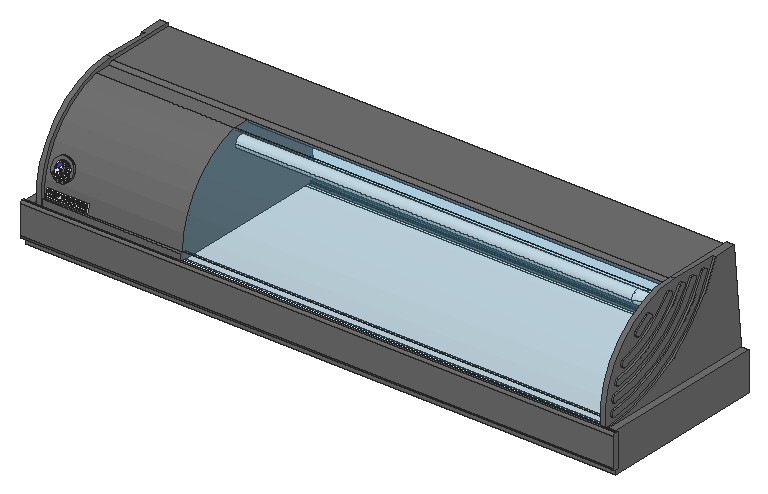
Revit family "QF_HOSHIZAKI_HNC-120BE-L-BLH", category Specialty Equipment, Revit 2016
Family settings
  Part Type = Normal
  Round Connector Dimension = Use Diameter
  OmniClass Number = 23.40.40.14
  OmniClass Title = Food Service Equipment
  Work Plane-Based = No
  Always vertical = Yes
  Cut with Voids When Loaded = No
  Shared = No
  Room Calculation Point = No
Parameters (values of type "HNC-120BE-L-BLH_230V/1Ph/50Hz")
  Weight = 32.00 kg
  Waste Remarks [instance] = ""
  Volts = 230 V
  URL Cutsheet = ""
  URL = "www.hoshizaki-europe.com"
  Status [instance] = ""
  Specification by User [instance] = ""
  Specification by Manufacturer [instance] = ""
  Serial Number = ""
  Seismic Rating = ""
  SMACNA No = ""
  Revision Code [instance] = ""
  Phase = 1
  Number of Poles = 2
  NAFEM Spec ID Number = ""
  Model = "HNC-120BE-L-BLH"
  Min Ckt Ampacity = 0 A
  Max Overcurrent Protection = 0 A
  Masterspec = ""
  Manufacturer = "HOSHIZAKI"
  Length Actual = 1200 mm
  Item Number [instance] = ""
  Installed By [instance] = ""
  Indirect Waste Size = 50.8 mm
  Indirect Waste Connection Type [instance] = ""
  Indirect Waste Connection Height [instance] = 23 mm
  Identify Quantity as Lot [instance] = no
  Height Actual = 270 mm
  HP power = ""
  Furnished By [instance] = ""
  Foodservice Equipment Identifier [instance] = yes
  FL Amps = 0.6 A
  Electric power = 140 W
  Electric Connection Type [instance] = ""
  Elec Conn RI Height [instance] = 0 mm
  Elec Conn Connection Height [instance] = 19 mm
  Direct Waste RI Height [instance] = 0 mm
  Description = "SUSHI CASE WITH LED LIGHTING, LEFT SIDED - BLACK"
  Depth Actual = 345 mm
  Cycle = 50 Hz
  Cost = 0
  Conn Plug = ""
  Conn Conduit = no
  CSI MasterFormat = ""
  Assembly Code = "E1090320"
  Apparent Power = 140 VA
  Accessory = no
Reference planes
  plane 1 "Center (Front/Back)": y = 0
  plane 2: z = 0
  plane 3 "Center (Left/Right)": x = 0
Forms (mm)
  Extrusion 1, solid, not visible
    sketch origin (29, -2, 18) x (1, 0, 0) y (0, 1, 0)
      loop
        line (0, 0) -> (2, 0) -> (2, 2) -> (0, 2) -> (0, 0)
    from 0 to 2
  Extrusion 2, solid, not visible
    sketch origin (1131, -2, 22) x (1, 0, 0) y (0, 1, 0)
      loop
        line (0, 0) -> (2, 0) -> (2, 2) -> (0, 2) -> (0, 0)
    from 0 to 2
Dimensions and locks
  aligned and locked: level to plane 2
Nested families
  nested 1: "QF_HOSHIZAKI_HNC-120BE-L-BLH_230V_1Ph_50Hz" at (0, 0, 0), type "HNC-120BE-L-BLH_230V/1Ph/50Hz"
    with Status "", Specification by User "", Show Clearance yes, Revision Code "", Number of Poles 1, Item Number "", Installed By "", Identify Quantity as Lot no, Furnished By "", Foodservice Equipment Identifier yes, Electrical Remarks "", Electric Connection Type "", Elec Conn RI Height 0 mm, Elec Conn Connection Height 19 mm, Conn Conduit yes
Connectors
  electrical at (30, 0, 19), driven by "Apparent Power", driven by "Number of Poles", driven by "Volts"
    settings: on Extrusion 1, index 1, voltage 230 V, apparent load 0 VA, apparent load phase1 140 VA, apparent load phase2 0 VA, apparent load phase3 0 VA, power factor 1, load classification "Other", number of poles 2, system type 31, power factor state 1, is connector primary yes, connector utility no, sub classification motor no, connector description "Electric connection for 'HNC-120BE-L-BLH'"
  piping at (1132, 0, 23), diameter 50.8, driven by "Indirect Waste Size"
    settings: on Extrusion 2, index 2, connector inside diameter 609.6 mm, connector length 0 mm, flow factor 0, pipe flow 0.0 L/s, pressure drop 0.0 Pa, fitting loss kfactor 0, connector angle 0.00°, fixture units 0, engagement length 0 mm, angle of deflection 0.00°, flow configuration 1, flow direction 2, fitting loss method 0, system type 16, joint type 0, gender type 0, connector reference index -1, connector utility 0, adjustable connector no, is connector primary yes, connector description "Drain connection for 'HNC-120BE-L-BLH'"
Definition of nested family "QF_HOSHIZAKI_HNC-120BE-L-BLH_230V_1Ph_50Hz"
  Parameters (values of type "HNC-120BE-L-BLH_230V/1Ph/50Hz")
    Weight in Pounds = 70.5478
    Electric power = 150 W
    Volts = 230 V
    URL Cutsheet = "www.hoshizaki-europe.com"
    URL = "www.hoshizaki-europe.com"
    Status [instance] = ""
    Specification by User [instance] = ""
    Specification by Manufacturer = ""
    Show Logo = yes
    Show Clearance [instance] = yes
    Serial Number = ""
    Seismic Rating = ""
    SMACNA No = ""
    Revision Code [instance] = ""
    Phase = 1
    Number of Poles [instance] = 1
    NAFEM Spec ID Number = ""
    Model = "HNC-120BE-L-BLH"
    Min Ckt Ampacity = 0 A
    Max Overcurrent Protection = 0 A
    Masterspec = ""
    Manufacturer = "HOSHIZAKI"
    Item Number [instance] = ""
    Installed By [instance] = ""
    Identify Quantity as Lot [instance] = no
    HP power = "0.201153000000"
    Furnished By [instance] = ""
    Foodservice Equipment Identifier [instance] = yes
    FL Amps = 20 A
    Electrical Remarks [instance] = ""
    Electric Connection Type [instance] = ""
    Elec Conn RI Height [instance] = 0 mm
    Elec Conn Connection Height [instance] = 19 mm
    Description = "SUSHI CASE WITH LED LIGHTING, LEFT SIDED - BLACK"
    Cycle = 50 Hz
    Conn Plug = ""
    Conn Conduit [instance] = yes
    CSI MasterFormat = ""
    Assembly Code = "E1090320"
    Apparent Power = 150 VA
  Reference planes
    plane 1 "Back": y = 0
    plane 2: z = 0
    plane 3 "Left": x = 0
    plane 4 "Right": x = 1200
    plane 5 "Front": y = -345
    plane 6 "Top": z = 270
  Forms (mm)
    Extrusion 1, solid
      sketch origin (0, 0, 0) x (0, 1, 0) y (0, 0, 1)
        loop
          line (-335, 11.612) -> (-335, 78.923) -> (-340, 78.923)
          arc (-340, 78.923) -> (-343.536, 77.458) -> (-345, 73.923) r 5
          line (-345, 73.923) -> (-345, 16.612)
          arc (-345, 16.612) -> (-343.536, 13.076) -> (-340, 11.612) r 5
          line (-340, 11.612) -> (-335, 11.612)
      from 0 to 1200
    Extrusion 2, solid
      sketch origin (4, 0, 0) x (0, 1, 0) y (0, 0, 1)
        loop
          line (0, 0) -> (0, 45.267) -> (-335, 45.267) -> (-335, 0) -> (0, 0)
      from 1192 to 0
    Extrusion 3, solid
      sketch origin (1180, 0, 0) x (0, 1, 0) y (0, 0, -1)
        loop
          arc (-335, -77.311) -> (-168.876, -131.23) -> (-62.821, -270) r 293.422
          line (-62.821, -270) -> (-16.482, -270) -> (0, -81.612) -> (0, -45.267) -> (-335, -45.267) -> (-335, -77.311)
        loop
          arc (-83.709, -252.219) -> (-178.479, -139.765) -> (-317.08, -90.602) r 280.922
          arc (-317.08, -90.602) -> (-323.161, -96.407) -> (-318.029, -103.066) r 6.285
          arc (-318.029, -103.066) -> (-185.592, -150.044) -> (-95.039, -257.5) r 268.422
          arc (-95.039, -257.5) -> (-87.673, -258.508) -> (-83.709, -252.219) r 6.865
        loop
          arc (-111.859, -251.686) -> (-195.78, -158.227) -> (-314.06, -115.953) r 255.922
          arc (-314.06, -115.953) -> (-320.31, -121.62) -> (-315.28, -128.393) r 6.28
          arc (-315.28, -128.393) -> (-202.759, -168.597) -> (-122.925, -257.5) r 243.422
          arc (-122.925, -257.5) -> (-115.571, -258.059) -> (-111.859, -251.686) r 6.947
        loop
          arc (-140.937, -251.021) -> (-211.328, -177.909) -> (-306.269, -142.04) r 230.922
          arc (-306.269, -142.04) -> (-312.519, -147.451) -> (-308.057, -154.411) r 6.315
          arc (-308.057, -154.411) -> (-218.228, -188.332) -> (-151.626, -257.5) r 218.422
          arc (-151.626, -257.5) -> (-143.81, -258.338) -> (-140.937, -251.021) r 6.48
        loop
          arc (-173, -248.071) -> (-226.037, -198.16) -> (-293.13, -169.833) r 205.922
          arc (-293.13, -169.833) -> (-298.352, -176.046) -> (-293.527, -182.572) r 6.554
          arc (-293.527, -182.572) -> (-231.849, -209.297) -> (-183.042, -255.516) r 193.422
          arc (-183.042, -255.516) -> (-175.054, -255.795) -> (-173, -248.071) r 6.411
        loop
          arc (-225.482, -229.368) -> (-239.933, -218.945) -> (-255.34, -209.993) r 180.922
          arc (-255.34, -209.993) -> (-262.519, -213.318) -> (-261.08, -221.097) r 6.452
          arc (-261.08, -221.097) -> (-246.737, -229.431) -> (-233.285, -239.134) r 168.422
          arc (-233.285, -239.134) -> (-225.701, -237.193) -> (-225.482, -229.368) r 6.501
      from 0 to 5
    Extrusion 4, solid
      sketch origin (1175, 0, 0) x (0, 1, 0) y (0, 0, -1)
        loop
          line (-335, -45.267) -> (-335, -77.311)
          arc (-335, -77.311) -> (-288.48, -212.569) -> (-157.482, -270) r 178.115
          line (-157.482, -270) -> (-16.482, -270) -> (0, -81.612) -> (0, -45.267) -> (-335, -45.267)
      from 0 to 10
    Extrusion 5, solid
      sketch origin (20, 0, 0) x (0, 1, 0) y (0, 0, 1)
        loop
          line (-335, 77.311) -> (-335, 45.267) -> (0, 45.267) -> (0, 81.612) -> (-16.482, 270) -> (-62.821, 270)
          arc (-62.821, 270) -> (-168.876, 131.23) -> (-335, 77.311) r 293.422
        loop
          arc (-83.709, 252.219) -> (-87.673, 258.508) -> (-95.039, 257.5) r 6.865
          arc (-95.039, 257.5) -> (-185.592, 150.044) -> (-318.029, 103.066) r 268.422
          arc (-318.029, 103.066) -> (-323.161, 96.407) -> (-317.08, 90.602) r 6.285
          arc (-317.08, 90.602) -> (-178.479, 139.765) -> (-83.709, 252.219) r 280.922
        loop
          arc (-111.859, 251.686) -> (-115.571, 258.059) -> (-122.925, 257.5) r 6.947
          arc (-122.925, 257.5) -> (-202.759, 168.597) -> (-315.28, 128.393) r 243.422
          arc (-315.28, 128.393) -> (-320.31, 121.62) -> (-314.06, 115.953) r 6.28
          arc (-314.06, 115.953) -> (-195.78, 158.227) -> (-111.859, 251.686) r 255.922
        loop
          arc (-140.937, 251.021) -> (-143.81, 258.338) -> (-151.626, 257.5) r 6.48
          arc (-151.626, 257.5) -> (-218.228, 188.332) -> (-308.057, 154.411) r 218.422
          arc (-308.057, 154.411) -> (-312.519, 147.451) -> (-306.269, 142.04) r 6.315
          arc (-306.269, 142.04) -> (-211.328, 177.909) -> (-140.937, 251.021) r 230.922
        loop
          arc (-173, 248.071) -> (-175.054, 255.795) -> (-183.042, 255.516) r 6.411
          arc (-183.042, 255.516) -> (-231.849, 209.297) -> (-293.527, 182.572) r 193.422
          arc (-293.527, 182.572) -> (-298.352, 176.046) -> (-293.13, 169.833) r 6.554
          arc (-293.13, 169.833) -> (-226.037, 198.16) -> (-173, 248.071) r 205.922
        loop
          arc (-225.482, 229.368) -> (-225.701, 237.193) -> (-233.285, 239.134) r 6.501
          arc (-233.285, 239.134) -> (-246.737, 229.431) -> (-261.08, 221.097) r 168.422
          arc (-261.08, 221.097) -> (-262.519, 213.318) -> (-255.34, 209.993) r 6.452
          arc (-255.34, 209.993) -> (-239.933, 218.945) -> (-225.482, 229.368) r 180.922
      from 0 to 5
    Extrusion 6, solid
      sketch origin (25, 0, 0) x (0, 1, 0) y (0, 0, 1)
        loop
          line (-335, 45.267) -> (0, 45.267) -> (0, 81.612) -> (-16.482, 270) -> (-157.482, 270)
          arc (-157.482, 270) -> (-288.48, 212.569) -> (-335, 77.311) r 178.115
          line (-335, 77.311) -> (-335, 45.267)
      from 0 to 10
    Extrusion 7, solid
      sketch origin (0, 0, 0) x (0, 1, 0) y (0, 0, 1)
        loop
          line (-335.005, 77.311) -> (-9.983, 77.311) -> (-9.983, 45.267) -> (0, 45.267) -> (0, 81.612) -> (-15.607, 260) -> (-198.787, 260)
          arc (-198.787, 260) -> (-293.716, 198.698) -> (-330.597, 91.885) r 173.115
          line (-330.597, 91.885) -> (-335.597, 91.885) -> (-335.005, 77.311)
      from 35 to 317
    Extrusion 8, solid
      sketch origin (0, 0, 0) x (0, 1, 0) y (0, 0, 1)
        loop
          line (-9.983, 45.267) -> (-9.983, 67.293)
          arc (-9.983, 67.293) -> (-12.951, 74.377) -> (-20.035, 77.311) r 10.017
          line (-20.035, 77.311) -> (-324.983, 77.311)
          arc (-324.983, 77.311) -> (-332.066, 74.377) -> (-335, 67.293) r 10.017
          line (-335, 67.293) -> (-335, 45.267) -> (-9.983, 45.267)
      from 35 to 1165
    Extrusion 9, solid
      sketch origin (0, 0, 0) x (0, 1, 0) y (0, 0, 1)
        loop
          line (-16.044, 265) -> (-157.482, 265)
          arc (-157.482, 265) -> (-162.482, 263.66) -> (-166.142, 260) r 10
          line (-166.142, 260) -> (-166.142, 255) -> (-15.169, 255) -> (-16.044, 265)
      from 35 to 1165
    Extrusion 10, solid
      sketch origin (0, 0, 0) x (0, 1, 0) y (0, 0, 1)
        loop
          line (-166.142, 260) -> (-198.787, 260)
          arc (-198.787, 260) -> (-293.716, 198.698) -> (-330.597, 91.885) r 173.115
          line (-330.597, 91.885) -> (-330.597, 77.395) -> (-325.597, 77.395) -> (-325.597, 91.885)
          arc (-325.597, 91.885) -> (-289.967, 195.377) -> (-198.178, 255) r 168.115
          line (-198.178, 255) -> (-166.142, 255) -> (-166.142, 260)
      from 317 to 1165
    Sweep 11, solid
      path origin (0, 0, 230) x (1, 0, 0) y (0, 1, 0)
        loop
          line (1072.551, -50.66) -> (1112.551, -50.66)
          arc (1112.551, -50.66) -> (1140.051, -62.051) -> (1151.442, -89.551) r 38.891
          line (1151.442, -89.551) -> (1151.442, -153.787)
          arc (1151.442, -153.787) -> (1142.122, -176.287) -> (1119.622, -185.607) r 31.82
          line (1119.622, -185.607) -> (317, -185.607)
      profile origin (1092.551, -50.66, 230) x (0, 1, 0) y (0, 0, 1)
        loop
          circle (0, 0) r 12.5
    Extrusion 12, solid
      sketch origin (0, 0, 0) x (0, 1, 0) y (0, 0, 1)
        loop
          line (0, 45.267) -> (0, 81.612) -> (-1.743, 101.536) -> (-6.743, 101.536) -> (-5, 81.612) -> (-5, 77.311) -> (-10, 77.311) -> (-10, 45.267) -> (0, 45.267)
      from 317 to 1165
    Extrusion 13, solid
      sketch origin (0, 0, 0) x (0, 1, 0) y (0, 0, 1)
        loop
          line (-6.743, 101.536) -> (-1.743, 101.536) -> (-15.169, 255) -> (-20.169, 255) -> (-6.743, 101.536)
      from 1150 to 1165
    Extrusion 14, solid
      sketch origin (0, 0, 0) x (0, 1, 0) y (0, 0, 1)
        loop
          line (-5, 77.311) -> (-5, 81.612) -> (-20.169, 255) -> (-25.169, 255) -> (-9.917, 80.666) -> (-9.917, 77.311) -> (-5, 77.311)
      from 317 to 1165
    Extrusion 15, solid
      sketch origin (0, 0, 0) x (1, 0, 0) y (0, 0, 1)
        loop
          line (20, 45.267) -> (20, 78.923) -> (4, 78.923) -> (4, 45.267) -> (20, 45.267)
      from 0 to 335
    Extrusion 16, solid
      sketch origin (1180, 0, 0) x (1, 0, 0) y (0, 0, 1)
        loop
          line (16, 45.267) -> (16, 78.923) -> (0, 78.923) -> (0, 45.267) -> (16, 45.267)
      from 0 to 335
    Extrusion 17, solid
      sketch origin (30, 5, 19) x (1, 0, 0) y (0, 0, 1)
        loop
          circle (0, 0) r 5
      from 0 to 5
    Extrusion 18, solid, visible <- "Show Logo"
      sketch origin (-4.782, -388.469, -502.616) x (1, 0, 0) y (0, 0.087156, 0.996195)
        loop
          line (55.338, 616.136) -> (55.338, 615.183) -> (56.401, 614.569) -> (56.401, 609.537) -> (55.338, 608.924) -> (55.338, 607.971) -> (59.638, 607.971) -> (59.638, 608.924) -> (58.286, 609.537) -> (58.286, 611.434) -> (61.704, 611.434) -> (61.704, 609.537) -> (60.353, 608.924) -> (60.353, 607.971) -> (64.652, 607.971) -> (64.652, 608.924) -> (63.589, 609.537) -> (63.589, 614.569) -> (64.652, 615.183) -> (64.652, 616.136) -> (60.353, 616.136) -> (60.353, 615.183) -> (61.704, 614.569) -> (61.704, 612.924) -> (58.286, 612.924) -> (58.286, 614.569) -> (59.638, 615.183) -> (59.638, 616.136) -> (55.338, 616.136)
        loop
          spline (69.001, 608.002) -> (70.129, 608.14) -> (71.179, 608.547) -> (72.081, 609.193) -> (72.773, 610.035) -> (73.209, 611.016) -> (73.357, 612.069) -> (73.209, 613.121) -> (72.773, 614.102) -> (72.081, 614.944) -> (71.179, 615.591) -> (70.129, 615.997) -> (69.001, 616.136)
          spline (69.001, 616.136) -> (67.874, 615.997) -> (66.824, 615.591) -> (65.922, 614.944) -> (65.229, 614.102) -> (64.794, 613.121) -> (64.646, 612.069) -> (64.794, 611.016) -> (65.229, 610.035) -> (65.922, 609.193) -> (66.824, 608.547) -> (67.874, 608.14) -> (69.001, 608.002)
        loop
          spline (68.927, 609) -> (69.484, 609.105) -> (70.004, 609.411) -> (70.45, 609.899) -> (70.792, 610.534) -> (71.007, 611.274) -> (71.08, 612.069) -> (71.007, 612.863) -> (70.792, 613.603) -> (70.45, 614.239) -> (70.004, 614.726) -> (69.484, 615.033) -> (68.927, 615.137)
          spline (68.927, 615.137) -> (68.37, 615.033) -> (67.851, 614.726) -> (67.405, 614.239) -> (67.063, 613.603) -> (66.847, 612.863) -> (66.774, 612.069) -> (66.847, 611.274) -> (67.063, 610.534) -> (67.405, 609.899) -> (67.851, 609.411) -> (68.37, 609.105) -> (68.927, 609)
        loop
          line (81.179, 616.194) -> (79.474, 615.758)
          arc (79.474, 615.758) -> (77.281, 616.22) -> (75.089, 615.753) r 5.403
          arc (75.089, 615.753) -> (73.886, 613.9) -> (75.089, 612.047) r 2.029
          line (75.089, 612.047) -> (78.971, 610.634)
          arc (78.971, 610.634) -> (79.436, 609.97) -> (78.971, 609.307) r 0.706
          arc (78.971, 609.307) -> (77.855, 609.11) -> (76.74, 609.307) r 3.262
          line (76.74, 609.307) -> (75.274, 610.772) -> (73.787, 610.772) -> (73.787, 608.097) -> (75.666, 608.577)
          arc (75.666, 608.577) -> (78.223, 607.78) -> (80.78, 608.577) r 4.5
          arc (80.78, 608.577) -> (81.48, 610.43) -> (80.78, 612.283) r 2.804
          line (80.78, 612.283) -> (76.487, 613.433)
          arc (76.487, 613.433) -> (75.882, 614.221) -> (76.487, 615.009) r 0.816
          arc (76.487, 615.009) -> (77.614, 615.157) -> (78.742, 615.009) r 4.357
          line (78.742, 615.009) -> (79.927, 613.433) -> (81.179, 613.433) -> (81.179, 616.194)
        loop
          line (82.271, 616.136) -> (82.271, 615.183) -> (83.334, 614.569) -> (83.334, 609.537) -> (82.271, 608.924) -> (82.271, 607.971) -> (86.57, 607.971) -> (86.57, 608.924) -> (85.219, 609.537) -> (85.219, 611.434) -> (88.636, 611.434) -> (88.636, 609.537) -> (87.285, 608.924) -> (87.285, 607.971) -> (91.585, 607.971) -> (91.585, 608.924) -> (90.522, 609.537) -> (90.522, 614.569) -> (91.585, 615.183) -> (91.585, 616.136) -> (87.285, 616.136) -> (87.285, 615.183) -> (88.636, 614.569) -> (88.636, 612.924) -> (85.219, 612.924) -> (85.219, 614.569) -> (86.57, 615.183) -> (86.57, 616.136) -> (82.271, 616.136)
        loop
          line (96.706, 616.136) -> (92.416, 616.136) -> (92.416, 615.183) -> (93.479, 614.569) -> (93.479, 609.537) -> (92.416, 608.924) -> (92.416, 607.971) -> (96.706, 607.971) -> (96.706, 608.924) -> (95.643, 609.537) -> (95.643, 614.569) -> (96.706, 615.183) -> (96.706, 616.136)
        loop
          line (97.667, 616.136) -> (97.667, 612.671) -> (98.907, 612.671) -> (98.907, 614.463) -> (99.558, 615.114) -> (102.547, 615.114) -> (97.667, 609.299) -> (97.667, 607.971) -> (104.908, 607.971) -> (104.908, 611.273) -> (103.649, 611.273) -> (103.649, 609.958) -> (102.708, 609.299) -> (100.239, 609.299) -> (104.908, 614.862) -> (104.908, 616.136) -> (97.667, 616.136)
        loop
          line (105.624, 607.971) -> (109.33, 607.971) -> (109.33, 609.028) -> (107.454, 609.028) -> (108.104, 610.636) -> (111.138, 610.636) -> (111.792, 609.702) -> (111.119, 609.028) -> (110.298, 609.028) -> (110.298, 607.971) -> (114.469, 607.971) -> (114.469, 609.299) -> (110.933, 616.136) -> (109.33, 616.136) -> (106.458, 609.028) -> (105.624, 609.028) -> (105.624, 607.971)
        loop
          line (114.779, 616.136) -> (114.779, 615.083) -> (116.046, 615.083) -> (116.046, 609.299) -> (114.99, 609.299) -> (114.99, 607.971) -> (118.696, 607.971) -> (117.926, 609.461) -> (117.926, 610.349) -> (119.101, 611.525) -> (121.327, 609.299) -> (120.053, 609.299) -> (120.053, 607.971) -> (124.657, 607.971) -> (124.657, 609.299) -> (123.759, 609.299) -> (120.592, 613.016) -> (122.659, 615.083) -> (123.759, 615.083) -> (123.759, 616.136) -> (120.053, 616.136) -> (120.053, 615.083) -> (121.071, 615.083) -> (117.926, 611.937) -> (118.696, 615.083) -> (118.696, 616.136) -> (114.779, 616.136)
        loop
          line (129.485, 616.136) -> (125.196, 616.136) -> (125.196, 615.183) -> (126.259, 614.569) -> (126.259, 609.537) -> (125.196, 608.924) -> (125.196, 607.971) -> (129.485, 607.971) -> (129.485, 608.924) -> (128.422, 609.537) -> (128.422, 614.569) -> (129.485, 615.183) -> (129.485, 616.136)
        loop
          line (109.583, 614.299) -> (108.553, 611.748) -> (110.666, 611.748) -> (109.583, 614.299)
        loop
          line (52.372, 617.338) -> (52.372, 606.471) -> (131.113, 606.471) -> (131.113, 617.338) -> (52.372, 617.338)
        loop
          line (133.113, 619.338) -> (50.372, 619.338) -> (50.372, 604.471) -> (133.113, 604.471) -> (133.113, 619.338)
      from -1 to 1
    Extrusion 19, solid, visible <- "Show Logo"
      sketch origin (5.218, -389.714, -522.584) x (1, 0, 0) y (0, 0.087156, 0.996195)
        loop
          line (42.372, 637.338) -> (42.372, 626.471) -> (121.113, 626.471) -> (121.113, 637.338) -> (42.372, 637.338)
      from -1 to 1
    Extrusion 20, solid, visible <- "Show Logo"
      sketch origin (529.533, -1020.82, -1575.102) x (-1, 0, 0) y (0, -0.374607, -0.927184)
        loop
          circle (459.884, -1862.5) r 13.99
      from 0 to 2.5
    Extrusion 21, solid, visible <- "Show Logo"
      sketch origin (529.533, -1021.284, -1574.915) x (-1, 0, 0) y (0, -0.374607, -0.927184)
        loop
          circle (459.884, -1862.5) r 15
        loop
          arc (446.884, -1862.5) -> (460.705, -1875.474) -> (472.781, -1860.863) r 13
          line (472.781, -1860.863) -> (470.355, -1858.437) -> (469.346, -1862.201) -> (466.355, -1863.928) -> (465.024, -1865.26) -> (463.375, -1865.26) -> (462.04, -1870.241) -> (457.755, -1870.241) -> (459.339, -1867.979) -> (460.402, -1864.014) -> (461.224, -1860.945) -> (462.416, -1856.497) -> (461.216, -1855.297) -> (459.433, -1857.843) -> (455.784, -1851.523) -> (460.361, -1851.523) -> (461.471, -1853.446) -> (469.213, -1853.446)
          arc (469.213, -1853.446) -> (460.394, -1849.51) -> (451.293, -1852.743) r 13
          line (451.293, -1852.743) -> (455.577, -1853.891) -> (453.752, -1856.497) -> (455.349, -1856.497) -> (454.477, -1866.459) -> (452.538, -1866.459) -> (446.884, -1862.5)
        loop
          line (447.853, -1857.467) -> (452.313, -1861.926) -> (450.144, -1853.891)
          arc (450.144, -1853.891) -> (448.878, -1855.602) -> (447.853, -1857.467) r 15.828
        loop
          line (463.583, -1862.877) -> (466.64, -1862.399) -> (464.901, -1861.285) -> (463.583, -1857.664) -> (463.583, -1862.877)
        loop
          line (464.827, -1855.979) -> (468.296, -1856.908) -> (469.573, -1854.916) -> (468.881, -1854.224) -> (467.914, -1855.035) -> (464.827, -1855.979)
        loop
          line (462.609, -1872.307) -> (462.609, -1874.009) -> (464.927, -1873.388) -> (462.609, -1872.307)
        loop
          line (460.361, -1874.662) -> (459.594, -1873.335) -> (460.801, -1872.638) -> (459.186, -1872.205) -> (458.298, -1874.11) -> (460.361, -1874.662)
        loop
          line (459.623, -1846.783) -> (460.706, -1845.701) -> (462.247, -1845.701) -> (461.191, -1844.645) -> (461.503, -1842.874) -> (459.623, -1843.959) -> (457.743, -1842.874) -> (458.055, -1844.645) -> (456.999, -1845.701) -> (458.54, -1845.701) -> (459.623, -1846.783)
        loop
          line (446.86, -1853.7) -> (446.594, -1852.191) -> (447.478, -1850.929) -> (446.007, -1851.188) -> (444.736, -1849.917) -> (444.547, -1852.08) -> (442.579, -1852.997) -> (444.209, -1853.757) -> (444.468, -1855.228) -> (445.352, -1853.965) -> (446.86, -1853.7)
        loop
          line (452.395, -1848.68) -> (452.856, -1847.219) -> (454.223, -1846.508) -> (452.799, -1846.059) -> (452.258, -1844.344) -> (451.091, -1846.175) -> (448.922, -1846.08) -> (450.017, -1847.507) -> (449.568, -1848.931) -> (450.935, -1848.219) -> (452.395, -1848.68)
        loop
          line (472.909, -1853.7) -> (474.417, -1853.965) -> (475.301, -1855.228) -> (475.56, -1853.757) -> (477.19, -1852.997) -> (475.222, -1852.08) -> (475.033, -1849.917) -> (473.761, -1851.188) -> (472.291, -1850.929) -> (473.175, -1852.191) -> (472.909, -1853.7)
        loop
          line (467.374, -1848.68) -> (468.834, -1848.219) -> (470.201, -1848.931) -> (469.752, -1847.507) -> (470.847, -1846.08) -> (468.678, -1846.175) -> (467.511, -1844.344) -> (466.97, -1846.059) -> (465.546, -1846.508) -> (466.913, -1847.219) -> (467.374, -1848.68)
      from 0 to 2.5
    Extrusion 22, solid, visible <- "Show Logo"
      sketch origin (529.533, -1021.284, -1574.915) x (-1, 0, 0) y (0, -0.374607, -0.927184)
        loop
          line (462.609, -1874.009) -> (462.609, -1872.307) -> (462.085, -1870.241) -> (457.755, -1870.241) -> (459.339, -1867.979) -> (462.416, -1856.497) -> (461.216, -1855.297) -> (459.433, -1857.843) -> (455.808, -1851.565) -> (453.948, -1851.565) -> (455.577, -1853.891) -> (454.477, -1866.459) -> (456.345, -1871.339)
          arc (456.345, -1871.339) -> (456.868, -1874.025) -> (459.213, -1875.435) r 3.366
          arc (459.213, -1875.435) -> (460.198, -1875.496) -> (461.183, -1875.435) r 8.046
          line (461.183, -1875.435) -> (462.609, -1874.009)
        loop
          line (456.854, -1851.523) -> (460.361, -1851.523) -> (460.916, -1852.485) -> (462.702, -1852.485) -> (463.779, -1851.407) -> (460.623, -1851.407) -> (461.563, -1850.468) -> (456.245, -1850.468) -> (456.854, -1851.523)
        loop
          line (460.361, -1874.662) -> (459.594, -1873.335) -> (460.801, -1872.638) -> (459.186, -1872.205) -> (458.298, -1874.11) -> (460.361, -1874.662)
      from 0 to 2.5
    Extrusion 23, solid, visible <- "Show Logo"
      sketch origin (515.149, -534.244, -370.783) x (-1, 0, 0) y (0, -0.374607, -0.927184)
        loop
          circle (445.5, -563.6) r 22.5
      from 0 to 2
  Cuts and joins
    joined: Extrusion 7, Extrusion 9
    joined: Extrusion 3, Extrusion 4
    joined: Extrusion 5, Extrusion 6
    joined: Extrusion 12, Extrusion 13
    joined: Extrusion 2, Extrusion 15, Extrusion 16
  Lines and regions (mm)
    symbolic lines
      curve 1: line (0, -335, 0) -> (0, -345, 0)
      curve 2: line (0, -345, 0) -> (1200, -345, 0)
      curve 3: line (1200, -345, 0) -> (1200, -335, 0)
      curve 4: line (1200, -335, 0) -> (1196, -335, 0)
      curve 5: line (1196, -335, 0) -> (1196, 0, 0)
      curve 6: line (1196, 0, 0) -> (4, 0, 0)
      curve 7: line (35, 0, 0) -> (35, 5, 0)
      curve 8: line (35, 5, 0) -> (25, 5, 0)
      curve 9: line (25, 5, 0) -> (25, 0, 0)
      curve 10: line (4, 0, 0) -> (4, -335, 0)
      curve 11: line (4, -335, 0) -> (0, -335, 0)
      curve 12: line (4, -335, 0) -> (1196, -335, 0)
      curve 13: line (1165, -335, 0) -> (1165, 0, 0)
      curve 14: line (35, -335, 0) -> (35, 0, 0)
      curve 15: line (317, 0, 0) -> (317, -335, 0)
      curve 16: line (1165, -166.142, 0) -> (317, -166.142, 0)
  Dimensions and locks
    aligned and locked: level to plane 2
  Connectors
    electrical at (30, 5, 19), driven by "Apparent Power", driven by "Volts", driven by "Number of Poles"
      settings: on Extrusion 17, index 1, voltage 230 V, apparent load 0 VA, apparent load phase1 150 VA, apparent load phase2 0 VA, apparent load phase3 0 VA, power factor 1, load classification none, number of poles 1, system type 31, power factor state 1, is connector primary yes, connector utility no, sub classification motor no, connector description "Electrical Connection"
